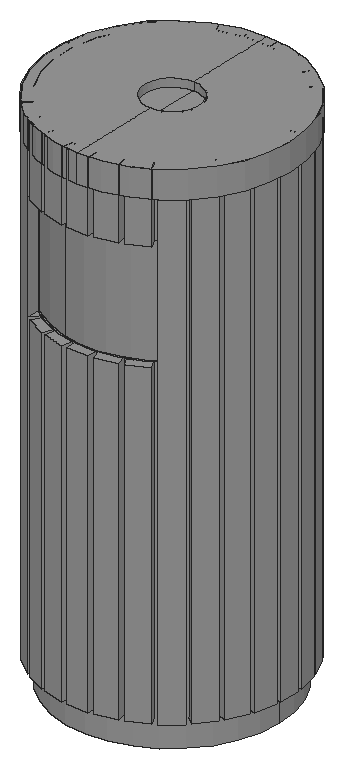
Revit family "Урна ПА014 Арт 7301", category Антураж, Revit 2018
Family settings
  На основе рабочей плоскости = Нет
  Всегда вертикально = Да
  При загрузке вырезать с полостями = Нет
  Источник визуального образа = Геометрия семейства
  Общий = Нет
  Точка расчета площади = Нет
Parameters (values of type "Урна ПА014")
  Ширина = 440 mm  # constant formula
  Цвет урны = Сталь
  Отделка урны = Дерево
  Описание = "Урна ПА014"  # constant formula
  Материал изделия = "Сталь, дерево"  # constant formula
  Изображение типоразмера = Урна ПА014 Арт 7301.jpg
  Изготовитель = " ООО «Хоббика»"  # constant formula
  Длина = 440 mm  # constant formula
  Группа модели = "Уличные урны"  # constant formula
  Высота = 970 mm  # constant formula
  Артикул товара = "Арт. 7301"  # constant formula
  URL = "https://hobbyka.ru/product/urna-pepelnica_pa014/"
Reference planes
  plane 1 "По центру (Вперед/Назад)": y = 0
  plane 2: z = 0
  plane 3 "По центру (Влево/Вправо)": x = 0
  plane 4: x = 440
  plane 5: y = 440
  plane 6: z = 970
Forms (mm)
  Extrusion 1, solid, material "Сталь" <- "Цвет урны"
    sketch origin (0, 0, 0) x (1, 0, 0) y (0, 1, 0)
      loop
        circle (220, 220) r 200
    from 0 to 920
  Revolve 2, solid, material "Сталь" <- "Цвет урны"
    sketch origin (220, 0, 0) x (0, 1, 0) y (0, 0, 1)
      loop
        line (170, 970) -> (0, 970) -> (0, 920) -> (1, 920) -> (1, 969) -> (169, 969) -> (169, 954) -> (220, 954) -> (220, 955) -> (170, 955) -> (170, 970)
      axis (220, 970) -> (220, 920)
    angle from 0 to 360
  Extrusion 3, solid, material "Дерево" <- "Отделка урны"
    sketch origin (0, 0, 0) x (1, 0, 0) y (0, 1, 0)
      loop
        line (200, 420) -> (240, 420) -> (240, 438.085) -> (200, 438.085) -> (200, 420)
    from 50 to 969
  Extrusion 4, solid, material "Дерево" <- "Отделка урны"
    sketch origin (-43.412, 54.297, 0) x (0.97498, -0.222291, 0) y (0.222291, 0.97498, 0)
      loop
        line (200, 420) -> (240, 420) -> (240, 438.085) -> (200, 438.085) -> (200, 420)
    from 50 to 969
  Extrusion 5, solid, material "Дерево" <- "Отделка урны"
    sketch origin (-73.668, 116.886, 0) x (0.901173, -0.433459, 0) y (0.433459, 0.901173, 0)
      loop
        line (200, 420) -> (240, 420) -> (240, 438.085) -> (200, 438.085) -> (200, 420)
    from 50 to 969
  Extrusion 6, solid, material "Дерево" <- "Отделка урны"
    sketch origin (-89.255, 184.635, 0) x (0.782272, -0.622937, 0) y (0.622937, 0.782272, 0)
      loop
        line (200, 420) -> (240, 420) -> (240, 438.085) -> (200, 438.085) -> (200, 420)
    from 50 to 969
  Extrusion 7, solid, material "Дерево" <- "Отделка урны"
    sketch origin (-89.391, 254.153, 0) x (0.624227, -0.781243, 0) y (0.781243, 0.624227, 0)
      loop
        line (200, 420) -> (240, 420) -> (240, 438.085) -> (200, 438.085) -> (200, 420)
    from 50 to 969
  Extrusion 8, solid, material "Дерево" <- "Отделка урны"
    sketch origin (-74.071, 321.962, 0) x (0.434946, -0.900457, 0) y (0.900457, 0.434946, 0)
      loop
        line (200, 420) -> (240, 420) -> (240, 438.085) -> (200, 438.085) -> (200, 420)
    from 50 to 969
  Extrusion 9, solid, material "Дерево" <- "Отделка урны"
    sketch origin (-44.061, 384.669, 0) x (0.2239, -0.974612, 0) y (0.974612, 0.2239, 0)
      loop
        line (200, 420) -> (240, 420) -> (240, 438.085) -> (200, 438.085) -> (200, 420)
    from 50 to 969
  Extrusion 10, solid, material "Дерево" <- "Отделка урны"
    sketch origin (-0.862, 439.137, 0) x (0.001651, -0.999999, 0) y (0.999999, 0.001651, 0)
      loop
        line (200, 420) -> (240, 420) -> (240, 438.085) -> (200, 438.085) -> (200, 420)
    from 50 to 969
  Extrusion 11, solid, material "Дерево" <- "Отделка урны"
    sketch origin (53.363, 482.638, 0) x (-0.220682, -0.975346, 0) y (0.975346, -0.220682, 0)
      loop
        line (200, 420) -> (240, 420) -> (240, 438.085) -> (200, 438.085) -> (200, 420)
    from 50 to 969
  Extrusion 12, solid, material "Дерево" <- "Отделка урны"
    sketch origin (115.902, 512.998, 0) x (-0.431971, -0.901888, 0) y (0.901888, -0.431971, 0)
      loop
        line (200, 420) -> (240, 420) -> (240, 438.085) -> (200, 438.085) -> (200, 420)
    from 50 to 969
  Extrusion 13, solid, material "Дерево" <- "Отделка урны"
    sketch origin (183.625, 528.696, 0) x (-0.621645, -0.783299, 0) y (0.783299, -0.621645, 0)
      loop
        line (200, 420) -> (240, 420) -> (240, 438.085) -> (200, 438.085) -> (200, 420)
    from 50 to 969
  Extrusion 14, solid, material "Дерево" <- "Отделка урны"
    sketch origin (253.143, 528.947, 0) x (-0.780212, -0.625515, 0) y (0.625515, -0.780212, 0)
      loop
        line (200, 420) -> (240, 420) -> (240, 438.085) -> (200, 438.085) -> (200, 420)
    from 50 to 969
  Extrusion 15, solid, material "Дерево" <- "Отделка урны"
    sketch origin (320.978, 513.739, 0) x (-0.899738, -0.436431, 0) y (0.436431, -0.899738, 0)
      loop
        line (200, 420) -> (240, 420) -> (240, 438.085) -> (200, 438.085) -> (200, 420)
    from 50 to 969
  Extrusion 16, solid, material "Дерево" <- "Отделка урны"
    sketch origin (383.734, 483.832, 0) x (-0.974241, -0.225508, 0) y (0.225508, -0.974241, 0)
      loop
        line (200, 420) -> (240, 420) -> (240, 438.085) -> (200, 438.085) -> (200, 420)
    from 50 to 969
  Extrusion 17, solid, material "Дерево" <- "Отделка урны"
    sketch origin (438.273, 440.723, 0) x (-0.999995, -0.003301, 0) y (0.003301, -0.999995, 0)
      loop
        line (200, 420) -> (240, 420) -> (240, 438.085) -> (200, 438.085) -> (200, 420)
    from 50 to 969
  Extrusion 18, solid, material "Дерево" <- "Отделка урны"
    sketch origin (481.864, 386.57, 0) x (-0.975709, 0.219071, 0) y (-0.219071, -0.975709, 0)
      loop
        line (200, 420) -> (240, 420) -> (240, 438.085) -> (200, 438.085) -> (200, 420)
    from 50 to 969
  Extrusion 19, solid, material "Дерево" <- "Отделка урны"
    sketch origin (512.327, 324.081, 0) x (-0.902599, 0.430482, 0) y (-0.430482, -0.902599, 0)
      loop
        line (200, 420) -> (240, 420) -> (240, 438.085) -> (200, 438.085) -> (200, 420)
    from 50 to 969
  Extrusion 20, solid, material "Дерево" <- "Отделка урны"
    sketch origin (528.136, 256.384, 0) x (-0.784324, 0.620351, 0) y (-0.620351, -0.784324, 0)
      loop
        line (200, 420) -> (240, 420) -> (240, 438.085) -> (200, 438.085) -> (200, 420)
    from 50 to 969
  Extrusion 21, solid, material "Дерево" <- "Отделка урны"
    sketch origin (528.502, 186.867, 0) x (-0.626802, 0.779178, 0) y (-0.779178, -0.626802, 0)
      loop
        line (200, 420) -> (240, 420) -> (240, 438.085) -> (200, 438.085) -> (200, 420)
    from 50 to 969
  Extrusion 22, solid, material "Дерево" <- "Отделка урны"
    sketch origin (513.406, 119.007, 0) x (-0.437916, 0.899016, 0) y (-0.899016, -0.437916, 0)
      loop
        line (200, 420) -> (240, 420) -> (240, 438.085) -> (200, 438.085) -> (200, 420)
    from 50 to 969
  Extrusion 23, solid, material "Дерево" <- "Отделка урны"
    sketch origin (483.603, 56.202, 0) x (-0.227116, 0.973868, 0) y (-0.973868, -0.227116, 0)
      loop
        line (200, 420) -> (240, 420) -> (240, 438.085) -> (200, 438.085) -> (200, 420)
    from 50 to 969
  Extrusion 24, solid, material "Дерево" <- "Отделка урны"
    sketch origin (440.584, 1.592, 0) x (-0.004951, 0.999988, 0) y (-0.999988, -0.004951, 0)
      loop
        line (200, 420) -> (240, 420) -> (240, 438.085) -> (200, 438.085) -> (200, 420)
    from 50 to 969
  Extrusion 25, solid, material "Дерево" <- "Отделка урны"
    sketch origin (386.503, -42.089, 0) x (0.217461, 0.976069, 0) y (-0.976069, 0.217461, 0)
      loop
        line (200, 420) -> (240, 420) -> (240, 438.085) -> (200, 438.085) -> (200, 420)
    from 50 to 969
  Extrusion 26, solid, material "Дерево" <- "Отделка урны"
    sketch origin (324.064, -72.654, 0) x (0.428991, 0.903309, 0) y (-0.903309, 0.428991, 0)
      loop
        line (200, 420) -> (240, 420) -> (240, 438.085) -> (200, 438.085) -> (200, 420)
    from 50 to 969
  Extrusion 27, solid, material "Дерево" <- "Отделка урны"
    sketch origin (256.394, -88.576, 0) x (0.619056, 0.785347, 0) y (-0.785347, 0.619056, 0)
      loop
        line (200, 420) -> (240, 420) -> (240, 438.085) -> (200, 438.085) -> (200, 420)
    from 50 to 969
  Extrusion 28, solid, material "Дерево" <- "Отделка урны"
    sketch origin (186.877, -89.057, 0) x (0.778143, 0.628088, 0) y (-0.628088, 0.778143, 0)
      loop
        line (200, 420) -> (240, 420) -> (240, 438.085) -> (200, 438.085) -> (200, 420)
    from 50 to 969
  Extrusion 29, solid, material "Дерево" <- "Отделка урны"
    sketch origin (118.993, -74.072, 0) x (0.898292, 0.439399, 0) y (-0.439399, 0.898292, 0)
      loop
        line (200, 420) -> (240, 420) -> (240, 438.085) -> (200, 438.085) -> (200, 420)
    from 50 to 969
  Extrusion 30, solid, material "Дерево" <- "Отделка урны"
    sketch origin (56.138, -44.373, 0) x (0.973492, 0.228723, 0) y (-0.228723, 0.973492, 0)
      loop
        line (200, 420) -> (240, 420) -> (240, 438.085) -> (200, 438.085) -> (200, 420)
    from 50 to 969
  Extrusion 31, void
    sketch origin (0, 0, 0) x (1, 0, 0) y (0, 1, 0)
      loop
        circle (220, 220) r 198
    from 50 to 969
  Extrusion 32, void
    sketch origin (0, 0, 0) x (1, 0, 0) y (0, 0, 1)
      loop
        line (100, 840) -> (100, 640) -> (340, 640) -> (340, 840) -> (100, 840)
    from 0 to -440
Cuts and joins
  Extrusion 31, Extrusion 32 cuts Extrusion 1
  Extrusion 32 cuts Extrusion 19
  Extrusion 32 cuts Extrusion 18
  Extrusion 32 cuts Extrusion 17
  Extrusion 32 cuts Extrusion 16
  Extrusion 32 cuts Extrusion 15
  Extrusion 32 cuts Extrusion 30
  Extrusion 32 cuts Extrusion 29
  Extrusion 32 cuts Extrusion 3
  Extrusion 32 cuts Extrusion 4
  Extrusion 32 cuts Extrusion 5
  Extrusion 32 cuts Extrusion 28
  Extrusion 32 cuts Extrusion 6
  Extrusion 32 cuts Extrusion 20
  Extrusion 32 cuts Extrusion 14
Dimensions and locks
  "Ширина": plane 5 to plane 1 "По центру (Вперед/Назад)"
  "Длина": plane 4 to plane 3 "По центру (Влево/Вправо)"
  "Высота": plane 6 to plane 2
  aligned and locked: level to plane 2
Automatic sketch dimensions
  plane 3 "По центру (Влево/Вправо)" to Extrusion 1 sketch curve = 220 mm
  Extrusion 1 sketch curve to plane 1 "По центру (Вперед/Назад)" = 220 mm
  Extrusion 3 sketch curve to Extrusion 3 sketch curve = 40 mm
  Extrusion 3 sketch curve to Extrusion 3 sketch curve = 18.085 mm
  Extrusion 4 sketch curve to Extrusion 4 sketch curve = 40 mm
  Extrusion 4 sketch curve to Extrusion 4 sketch curve = 18.085 mm
  Extrusion 5 sketch curve to Extrusion 5 sketch curve = 40 mm
  Extrusion 5 sketch curve to Extrusion 5 sketch curve = 18.085 mm
  Extrusion 6 sketch curve to Extrusion 6 sketch curve = 40 mm
  Extrusion 6 sketch curve to Extrusion 6 sketch curve = 18.085 mm
  Extrusion 7 sketch curve to Extrusion 7 sketch curve = 40 mm
  Extrusion 7 sketch curve to Extrusion 7 sketch curve = 18.085 mm
  Extrusion 8 sketch curve to Extrusion 8 sketch curve = 40 mm
  Extrusion 8 sketch curve to Extrusion 8 sketch curve = 18.085 mm
  Extrusion 9 sketch curve to Extrusion 9 sketch curve = 40 mm
  Extrusion 9 sketch curve to Extrusion 9 sketch curve = 18.085 mm
  Extrusion 10 sketch curve to Extrusion 10 sketch curve = 40 mm
  Extrusion 10 sketch curve to Extrusion 10 sketch curve = 18.085 mm
  Extrusion 11 sketch curve to Extrusion 11 sketch curve = 40 mm
  Extrusion 11 sketch curve to Extrusion 11 sketch curve = 18.085 mm
  Extrusion 12 sketch curve to Extrusion 12 sketch curve = 40 mm
  Extrusion 12 sketch curve to Extrusion 12 sketch curve = 18.085 mm
  Extrusion 13 sketch curve to Extrusion 13 sketch curve = 40 mm
  Extrusion 13 sketch curve to Extrusion 13 sketch curve = 18.085 mm
  Extrusion 14 sketch curve to Extrusion 14 sketch curve = 40 mm
  Extrusion 14 sketch curve to Extrusion 14 sketch curve = 18.085 mm
  Extrusion 15 sketch curve to Extrusion 15 sketch curve = 40 mm
  Extrusion 15 sketch curve to Extrusion 15 sketch curve = 18.085 mm
  Extrusion 16 sketch curve to Extrusion 16 sketch curve = 40 mm
  Extrusion 16 sketch curve to Extrusion 16 sketch curve = 18.085 mm
  Extrusion 17 sketch curve to Extrusion 17 sketch curve = 40 mm
  Extrusion 17 sketch curve to Extrusion 17 sketch curve = 18.085 mm
  Extrusion 18 sketch curve to Extrusion 18 sketch curve = 40 mm
  Extrusion 18 sketch curve to Extrusion 18 sketch curve = 18.085 mm
  Extrusion 19 sketch curve to Extrusion 19 sketch curve = 40 mm
  Extrusion 19 sketch curve to Extrusion 19 sketch curve = 18.085 mm
  Extrusion 20 sketch curve to Extrusion 20 sketch curve = 40 mm
  Extrusion 20 sketch curve to Extrusion 20 sketch curve = 18.085 mm
  Extrusion 21 sketch curve to Extrusion 21 sketch curve = 40 mm
  Extrusion 21 sketch curve to Extrusion 21 sketch curve = 18.085 mm
  Extrusion 22 sketch curve to Extrusion 22 sketch curve = 40 mm
  Extrusion 22 sketch curve to Extrusion 22 sketch curve = 18.085 mm
  Extrusion 23 sketch curve to Extrusion 23 sketch curve = 40 mm
  Extrusion 23 sketch curve to Extrusion 23 sketch curve = 18.085 mm
  Extrusion 24 sketch curve to Extrusion 24 sketch curve = 40 mm
  Extrusion 24 sketch curve to Extrusion 24 sketch curve = 18.085 mm
  Extrusion 25 sketch curve to Extrusion 25 sketch curve = 40 mm
  Extrusion 25 sketch curve to Extrusion 25 sketch curve = 18.085 mm
  Extrusion 26 sketch curve to Extrusion 26 sketch curve = 40 mm
  Extrusion 26 sketch curve to Extrusion 26 sketch curve = 18.085 mm
  Extrusion 27 sketch curve to Extrusion 27 sketch curve = 40 mm
  Extrusion 27 sketch curve to Extrusion 27 sketch curve = 18.085 mm
  Extrusion 28 sketch curve to Extrusion 28 sketch curve = 40 mm
  Extrusion 28 sketch curve to Extrusion 28 sketch curve = 18.085 mm
  Extrusion 29 sketch curve to Extrusion 29 sketch curve = 40 mm
  Extrusion 29 sketch curve to Extrusion 29 sketch curve = 18.085 mm
  Extrusion 30 sketch curve to Extrusion 30 sketch curve = 40 mm
  Extrusion 30 sketch curve to Extrusion 30 sketch curve = 18.085 mm
  Revolve 2 sketch curve to plane 1 "По центру (Вперед/Назад)" = 0 mm
  Revolve 2 sketch curve to plane 6 = 0 mm
  Revolve 2 sketch curve to plane 1 "По центру (Вперед/Назад)" = 1 mm
  Revolve 2 sketch curve to plane 6 = 16 mm
  Revolve 2 sketch curve to Revolve 2 sketch curve = 168 mm
  Revolve 2 sketch curve to Revolve 2 sketch curve = 1 mm  (x2)
  Revolve 2 sketch curve to Revolve 2 sketch curve = 50 mm
  Revolve 2 sketch curve to plane 6 = 50 mm
  Revolve 2 sketch curve to plane 6 = 1 mm
  Revolve 2 sketch curve to plane 1 "По центру (Вперед/Назад)" = 220 mm
  Revolve 2 sketch curve to Revolve 2 sketch curve = 34 mm
  level to Revolve 2 sketch curve = 200 mm
  Extrusion 31 sketch curve to Extrusion 31 sketch curve = 0 mm  (x2)
  plane 3 "По центру (Влево/Вправо)" to Extrusion 31 sketch curve = 220 mm
  Extrusion 31 sketch curve to plane 1 "По центру (Вперед/Назад)" = 220 mm
  plane 3 "По центру (Влево/Вправо)" to Extrusion 31 sketch curve = 22 mm
  plane 3 "По центру (Влево/Вправо)" to Extrusion 32 sketch curve = 100 mm
  Extrusion 32 sketch curve to plane 4 = 100 mm
  Extrusion 32 sketch curve to plane 6 = 330 mm
  Extrusion 32 sketch curve to plane 6 = 130 mm
  radius of Extrusion 1 sketch curve = 200 mm
